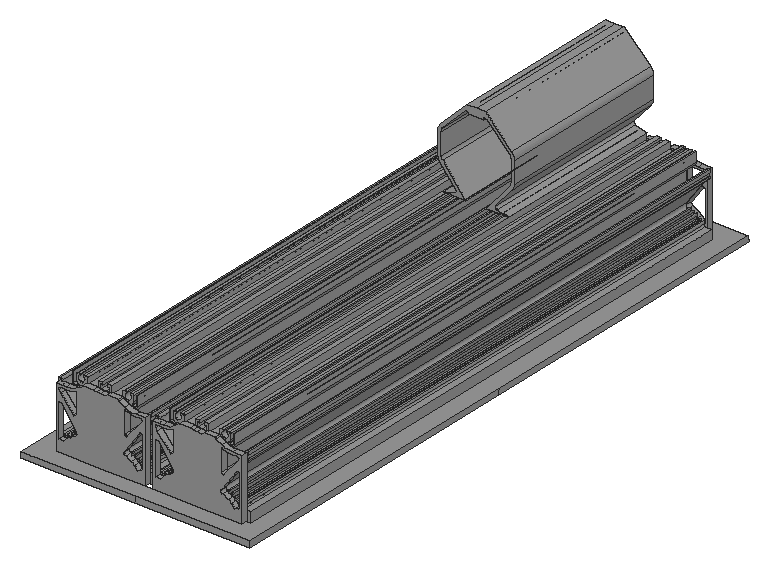
Revit family "L-street 48 Standart", category Осветительные приборы, Revit 2017 (continued)
Types (5, lengths in mm): name | built-in parameter 1150134 | Файл фотометрической сетки | built-in parameter 1150105 | Lumens | built-in parameter 1150106 | built-in parameter 1150142 | Wattage | built-in parameter 1150107 | Артикул
    390 394.1 398.6 403.2 408.1 412.7 416.8 420.2 423.6 427.4 431.9 437.2 443.6 450.4 458.6 467.8 478.1 488.9 500.4 512.6 525.2 538.3 550.5 561.4 569.2 573.5 573 566 550.8 523.8 483.7 426.3 358.3 287.2 226 175.3 132.2 89.9 55.3 36.1 25 16.8 13 11.4 10.1 9.1 8.4 7.8 7.2 6.8 6.3 5.8 5.4 5.1 4.8 4.6 4.1 3.2 2.8\r\n328.9 328.5 328.2 328.2 328.2 328.4 328.9 329.6 330.4 331.5 332.7 334 335.5 337.3 339.3 341.7 344.1 346.7 349.2 351.6 354.2 356.7 359.3 361.9 365 368.1 371.3 374.6 378.2 381.9 385.9 390.5 395.4 400.3 405.8 411.6 417.7 423.6 429 433.5 438.2 443.3 449.2 455.8 462.9 470.3 479 488.5 499.4 511.7 526 542.3 559.9 579.1 598.2 616.8 632.3 645.2 654.6 659.9 659.2 648.4 620.7 563.4 477.2 374.4 283.9 211.1 150.4 93 54.4 36.9 25.8 17.6 14 12.2 10.9 9.9 9.1 8.5 7.8 7.4 6.7 6.3 5.9 5.5 5.2 4.9 4.4 3.3 2.9\r\n328.9 328.5 328.3 328.3 328.5 328.8 329.3 330.1 331 332.2 333.4 334.8 336.4 338.2 340.3 342.5 344.9 347.4 350 352.6 355.1 357.6 360.2 362.9 365.9 368.9 372 375.3 378.8 382.5 386.5 391.1 396.3 401.6 407.5 413.8 420.8 427.5 433.8 439.1 444.6 450.3 457.4 465.6 474.8 485 496.5 508.6 522.2 536.9 552.8 569.8 587.4 606.2 625.2 644.8 662.4 678.1 690.6 700.2 705.2 700.9 677.7 619.9 527.1 411.5 307.8 226 157.1 93 55.9 38.9 27.5 18.9 14.9 13 11.6 10.5 9.8 9.1 8.4 7.9 7.2 6.7 6.2 5.8 5.5 5.2 4.6 3.4 2.9\r\n328.9 328.6 328.5 328.4 328.7 329.1 329.7 330.6 331.6 332.8 334.1 335.5 337.2 339.1 341.2 343.3 345.8 348.2 350.9 353.6 356.1 358.5 361.2 363.9 366.8 369.7 372.7 376 379.5 383.1 387.2 391.8 397.2 402.9 409.2 416.1 423.9 431.3 438.5 444.8 450.9 457.3 465.6 475.3 486.8 499.7 513.9 528.8 545.1 562 579.7 597.3 614.9 633.3 652.3 672.8 692.6 710.9 726.5 740.5 751.1 753.4 734.6 676.4 577.1 448.5 331.7 241 163.8 93.1 57.5 40.9 29.1 20.2 15.9 13.8 12.3 11.2 10.4 9.7 9 8.4 7.7 7.1 6.6 6.2 5.8 5.5 4.9 3.5 2.8\r\n328.9 328.6 328.5 328.6 328.9 329.3 330.1 331 332 333.3 334.7 336 337.9 339.8 342 344.3 347 349.4 352.1 355 357.6 360.1 362.8 365.6 368.5 371.5 374.5 377.7 381.2 384.8 388.9 393.5 398.8 404.6 411.1 418.5 426.6 434.3 441.8 448.1 454.5 461.5 470.8 481.7 494.7 509.3 525.6 543.2 562.8 583.2 605 627.4 649.8 673.3 697 721.2 744.1 764.1 778.2 783.6 777 755.4 714.5 642.8 541.4 421.1 315.5 229 151.8 86.9 55.2 38.9 27.8 20.1 16.2 14.2 12.6 11.6 10.7 10 9.3 8.6 8 7.4 6.8 6.4 6 5.7 5 3.6 2.9\r\n328.9 328.6 328.6 328.8 329.1 329.6 330.4 331.4 332.5 333.7 335.2 336.6 338.6 340.6 342.9 345.3 348.1 350.6 353.4 356.3 359 361.7 364.5 367.2 370.2 373.2 376.3 379.4 382.9 386.4 390.5 395.1 400.3 406.2 413.1 420.9 429.3 437.3 445 451.5 458 465.8 476 488.1 502.7 518.9 537.3 557.6 580.5 604.3 630.3 657.5 684.7 713.2 741.6 769.7 795.6 817.4 829.9 826.8 802.8 757.4 694.3 609.1 505.7 393.7 299.3 217 139.7 80.8 52.9 36.9 26.6 20 16.5 14.6 13 11.9 11.1 10.3 9.6 8.9 8.3 7.7 7.1 6.6 6.3 5.9 5.1 3.6 3\r\n328.9 328.7 328.8 328.9 329.3 330 330.8 331.9 333.1 334.4 336 337.6 339.6 341.7 344.2 346.7 349.5 352.1 355 357.9 360.7 363.5 366.4 369.2 372.3 375.3 378.4 381.5 385.1 388.8 393.1 397.8 403.2 409.1 416.2 424.2 432.7 440.8 448.6 454.7 460.9 468.4 478.4 490.1 504.2 519.7 537.4 557 579 602.2 627.4 653.9 680.8 709.8 739.9 771.3 801.5 829.4 850.7 859.9 847.5 808.1 741 643.7 528.7 412.9 318.2 234.4 150.2 84 54.9 37.9 27.2 20.8 17.3 15.2 13.5 12.4 11.5 10.7 10 9.3 8.6 7.9 7.3 6.9 6.5 6.1 5.3 3.8 3\r\n328.9 328.8 328.9 329 329.6 330.3 331.2 332.3 333.7 335.2 336.8 338.6 340.6 342.8 345.5 348.2 350.9 353.7 356.6 359.6 362.4 365.3 368.2 371.2 374.4 377.4 380.5 383.6 387.3 391.2 395.6 400.5 406 411.9 419.2 427.5 436 444.3 452.2 457.9 463.7 471 480.7 492.2 505.6 520.6 537.4 556.3 577.6 600 624.5 650.4 677 706.4 738.3 772.8 807.5 841.5 871.5 893.1 892.3 858.7 787.6 678.2 551.8 432 337.2 251.9 160.7 87.2 56.8 39 27.9 21.5 18 15.7 14.1 12.8 12 11.2 10.3 9.6 8.9 8.2 7.6 7.1 6.7 6.3 5.5 4 3.1\r\n328.9 329 329.5 330 330.7 331.9 333.2 334.6 336.2 338 339.8 341.8 344 346.5 349.2 352.1 354.9 357.8 360.7 363.6 366.4 369.2 372 374.9 377.8 380.7 383.9 387.3 391.1 395.4 400.3 405.6 411.7 418.6 427.2 436.3 444.8 452.4 459 464.7 471.7 481.1 492.7 506.6 522.4 540.2 559.7 581.7 605.8 631.5 658.1 685.9 714.5 745.8 778.3 812.3 846.4 879.2 904.3 916.2 905.6 859.1 774.4 661.5 532.7 402.1 293.1 196.3 120.8 68.8 45.8 31.7 22.8 18 15.4 13.6 12.3 11.3 10.5 9.8 9.1 8.5 7.9 7.3 6.9 6.5 6.1 5.5 4.3 3.3 2.9\r\n328.9 329.3 330.2 330.9 331.9 333.4 335.1 336.8 338.7 340.8 342.8 345 347.5 350.1 353 356 358.9 361.9 364.8 367.6 370.4 373.1 375.9 378.6 381.2 384 387.3 390.9 395 399.6 404.9 410.7 417.4 425.2 435.2 445.1 453.5 460.4 465.8 471.5 479.7 491.2 504.8 521 539.3 559.8 582 607.2 633.9 663 691.7 721.3 752.1 785.2 818.3 851.9 885.2 917 937 939.3 919 859.4 761.2 644.9 513.6 372.2 249 140.6 80.9 50.5 34.7 24.4 17.8 14.5 12.7 11.4 10.5 9.8 9.1 8.5 8 7.4 7 6.5 6.2 5.9 5.5 4.8 3.2 2.7 2.7\r\n328.9 329.4 330.2 331 332 333.4 335 336.7 338.6 340.6 342.6 344.7 347.1 349.6 352.4 355.2 358.1 360.9 363.6 366.2 368.8 371.4 374 376.6 379.2 382 385.3 388.8 392.6 397 402.2 407.8 414.4 421.9 431.2 440.5 448.4 454.9 460.4 466.2 474 484.8 497.7 513 530.2 549.4 569.9 593 617.3 643.5 669.5 695.9 722.8 751.4 780 808.5 835.6 860.9 877.7 881 869.3 832.1 763.8 664.3 532.5 377.6 247 136.9 77.5 48.8 34.8 24 17.1 14.1 12.4 11.1 10.2 9.6 8.9 8.3 7.8 7.2 6.8 6.3 6 5.7 5.4 4.7 3.1 2.7 2.7\r\n328.9 329.4 330.1 331 332.1 333.4 334.9 336.6 338.5 340.4 342.3 344.5 346.7 349.1 351.8 354.5 357.3 359.9 362.4 364.8 367.2 369.6 372.2 374.6 377.3 380.1 383.3 386.6 390.2 394.4 399.4 405 411.4 418.6 427.2 435.9 443.2 449.5 455 460.8 468.3 478.4 490.6 505 521.2 539.1 557.7 578.9 600.7 624.1 647.2 670.6 693.5 717.6 741.7 765.1 785.9 804.8 818.4 822.6 819.6 804.9 766.4 683.8 551.4 383.1 244.9 133.2 74 47.1 34.9 23.6 16.4 13.6 12.1 10.9 10 9.4 8.7 8.1 7.6 7 6.6 6.2 5.8 5.4 5.3 4.5 3 2.6 2.7\r\n328.9 329.4 330.2 331 332 333.3 334.7 336.2 338 339.7 341.5 343.5 345.5 347.8 350.3 353 355.7 358.2 360.7 363 365.4 367.8 370.3 372.8 375.5 378.3 381.5 384.8 388.6 392.8 397.6 403 409.3 416.1 424.2 432.5 439.5 445.4 450.6 455.9 462.5 471.1 481.3 493.2 506.3 520.8 536.2 553.5 571.6 591.3 611.2 631.8 652.8 675.7 698.9 722.2 742.8 761.3 775.1 781.3 780.2 768.4 735.8 659.6 539 387.4 258.5 153.6 86.2 51.2 36.2 25 17.1 13.6 12 10.8 9.8 9.2 8.5 8 7.4 6.9 6.5 6 5.7 5.4 5.1 4.5 3.1 2.7 2.7\r\n328.9 329.4 330.2 330.9 332 333.2 334.5 335.8 337.4 339.1 340.8 342.5 344.4 346.5 348.9 351.5 354.1 356.6 358.9 361.3 363.6 365.9 368.4 371 373.6 376.5 379.6 383.1 387 391.1 395.7 401 407.1 413.6 421.1 429 435.8 441.3 446.2 451 456.7 463.9 472 481.4 491.5 502.6 514.6 528.2 542.5 558.5 575.2 593 612 633.7 656.1 679.2 699.7 717.9 731.8 740 740.8 732 705.1 635.4 526.7 391.7 272.1 174 98.4 55.3 37.6 26.3 17.8 13.6 11.9 10.7 9.7 9 8.3 7.8 7.3 6.8 6.3 5.9 5.6 5.3 4.9 4.5 3.3 2.7 2.7\r\n328.9 329.5 330.3 331 332 333.1 334.2 335.5 337 338.5 340.1 341.6 343.4 345.3 347.5 350 352.5 354.9 357.3 359.6 361.8 364 366.3 368.6 371.2 373.8 376.8 380.1 383.8 387.6 392 396.7 402.2 408 414.6 421.4 427.4 432.1 436.2 439.9 444.1 449.8 456.5 464.2 472.4 481.7 492.1 504.3 517.4 532 547.1 562.9 578.6 594.9 610.3 625.2 636.8 644.4 646.8 642.2 628.3 601.4 558.5 487.4 398.1 300.5 218.4 153.5 97.9 57.3 37.8 25.4 16.7 12.7 11.3 10.1 9.1 8.4 7.8 7.3 6.8 6.4 5.9 5.5 5.2 4.9 4.6 4.3 3.2 2.7 2.7\r\n328.9 329.6 330.4 331 332 333 334 335.2 336.5 338 339.5 340.8 342.3 344.1 346.2 348.5 350.9 353.2 355.7 357.9 360.1 362.1 364.1 366.3 368.7 371.1 374 377.1 380.5 384.1 388.2 392.4 397.3 402.4 408 413.7 419 423 426.2 428.7 431.6 435.7 440.9 447 453.3 460.7 469.6 480.4 492.2 505.5 519.1 532.8 545.2 556 564.6 571.2 573.9 570.8 561.8 544.4 515.9 470.9 411.9 339.3 269.5 209.3 164.6 132.9 97.4 59.2 38 24.5 15.6 11.9 10.6 9.5 8.6 7.9 7.3 6.7 6.4 5.9 5.5 5.1 4.9 4.6 4.3 4 3 2.6 2.6\r\n328.9 329.6 330.3 330.9 331.7 332.6 333.5 334.6 335.8 337.1 338.4 339.6 341 342.5 344.5 346.6 348.8 351.1 353.5 355.6 357.6 359.4 361.2 363.2 365.5 367.9 370.6 373.6 377 380.4 384 387.7 391.8 395.9 400.4 404.8 409 412.2 414.8 416.7 419.1 422.5 426.9 432.4 438.2 444.8 451.8 459.6 467.6 476.2 484.4 492.1 497.8 501.1 501.5 498.2 489.1 471.8 446.9 414.5 377.6 335.3 291 243.7 199.4 161.3 132.5 111.4 88.8 60 38.2 24.5 15.5 11.5 10.1 9.1 8.1 7.4 6.8 6.3 5.9 5.6 5.2 4.8 4.5 4.3 4.1 3.8 3 2.6 2.6\r\n328.9 329.6 330.2 330.8 331.5 332.2 333 334 335.1 336.2 337.4 338.4 339.6 341 342.7 344.6 346.8 349 351.2 353.2 355.2 356.8 358.4 360.1 362.3 364.7 367.2 370.2 373.4 376.6 379.9 382.9 386.3 389.4 392.8 395.9 399 401.5 403.4 404.8 406.6 409.3 413 417.7 423.2 428.9 434.1 438.8 443 446.9 449.6 451.3 450.4 446.3 438.5 425.2 404.4 372.8 332.1 284.5 239.3 199.8 170 148 129.3 113.3 100.4 90 80.2 60.7 38.4 24.6 15.5 11.1 9.6 8.7 7.7 6.9 6.3 5.9 5.5 5.2 4.9 4.5 4.2 4 3.8 3.6 2.9 2.7 2.6\r\n328.9 329.6 330.1 330.7 331.3 331.9 332.7 333.7 334.6 335.6 336.6 337.5 338.6 339.9 341.4 343.2 345.2 347.2 349.1 350.9 352.7 354.2 355.8 357.6 359.7 362.1 364.5 367.1 369.7 372.2 374.7 377.2 379.9 382.5 385.1 387.6 390 392.2 394 395.5 397.2 398.9 400.9 403.2 405.8 408.1 409.5 410 409.2 407 401.9 393.5 379.6 360.7 338.2 313.8 287.4 259.5 230.5 200.1 171.3 146.3 126.5 111.3 98.3 88 80.3 73.6 62.6 45.5 29.8 19.7 12.9 9.9 8.7 7.8 6.9 6.3 5.7 5.3 5 4.7 4.4 4.1 3.8 3.6 3.4 3.1 2.7 2.6 2.5\r\n328.9 329.6 330 330.5 331 331.7 332.4 333.3 334.1 335 335.7 336.6 337.5 338.9 340.2 341.7 343.6 345.5 347 348.7 350.2 351.6 353.2 355.1 357.2 359.5 361.8 364 366 367.9 369.5 371.4 373.5 375.5 377.4 379.4 381.1 382.8 384.6 386.2 387.8 388.6 388.8 388.6 388.5 387.4 384.9 381.1 375.4 367.2 354.2 335.6 308.8 275.2 237.8 202.4 170.4 146.1 128.9 115.6 103.3 92.8 83 74.7 67.3 62.7 60.1 57.1 45.1 30.4 21.1 14.9 10.4 8.8 7.8 6.9 6.2 5.6 5.1 4.8 4.5 4.1 3.9 3.7 3.5 3.3 3.1 2.7 2.5 2.5 2.5\r\n328.9 329.5 329.8 330.3 330.6 331.2 331.7 332.4 333 333.7 334.2 334.8 335.4 336.4 337.3 338.6 340.1 341.7 343.1 344.6 346.1 347.4 348.8 350.3 352 353.8 355.5 357.1 358.6 360 361.2 362.3 363.6 365 366.4 368.1 369.5 370.4 370.9 370.8 370.5 369.4 367.5 364.9 361.4 356.8 349.7 339.5 325 306.7 283.4 257 228.1 199.7 172.9 149.4 128.6 112.2 99.6 89.2 79.7 71.9 64.6 58.5 52.9 49.3 46.4 42.2 33.6 24.5 18.4 13.7 10.1 8.5 7.6 6.7 6 5.3 4.8 4.5 4.3 3.9 3.7 3.5 3.3 3.1 3 2.6 2.4 2.4 2.4\r\n328.9 329.4 329.7 330 330.2 330.6 331 331.5 332 332.4 332.7 332.9 333.3 333.9 334.5 335.5 336.6 337.9 339.3 340.6 341.9 343.2 344.4 345.6 346.8 348.1 349.2 350.3 351.3 352.1 352.9 353.2 353.7 354.4 355.4 356.8 357.8 358 357.2 355.5 353.3 350.3 346.3 341.1 334.4 326.1 314.5 297.9 274.7 246.3 212.5 178.4 147.3 124.1 108 96.4 86.8 78.2 70.2 62.8 56.2 50.9 46.3 42.4 38.6 35.9 32.7 27.2 22.1 18.6 15.6 12.5 9.8 8.3 7.4 6.5 5.8 5.1 4.6 4.2 4.1 3.8 3.5 3.4 3.2 3 2.9 2.5 2.3 2.4 2.4\r\n328.9 329.4 329.6 329.8 330 330.2 330.4 330.7 330.9 331.1 331.2 331.3 331.4 331.6 332 332.8 333.6 334.8 335.8 337 338 339 339.9 340.7 341.5 342.3 343 343.7 344.2 344.5 344.8 344.9 345.1 345.2 345.2 345.4 345.1 344 342.1 339.1 334.9 329.9 323.6 315.4 304.1 289.5 270.1 246.3 218.3 189.8 161.8 137.2 116 100.1 88.3 79.2 71.4 64.3 57.9 52.2 47.2 43.1 39.5 36.3 33 30.2 27.2 23.3 19.6 16.9 14.4 11.8 9.5 8.3 7.4 6.6 5.8 5.1 4.5 4.1 3.9 3.6 3.4 3.3 3.1 2.9 2.8 2.5 2.3 2.3 2.4\r\n328.9 329.4 329.6 329.7 329.7 329.7 329.8 329.9 329.9 329.9 329.8 329.7 329.4 329.3 329.6 330 330.6 331.6 332.4 333.3 334.1 334.8 335.4 335.7 336.1 336.4 336.8 337 337.1 336.9 336.8 336.5 336.5 336.1 335 333.9 332.3 330.1 327 322.6 316.6 309.6 301 289.7 273.8 252.8 225.7 194.7 161.9 133.3 111 96 84.7 76.1 68.6 62 56 50.4 45.5 41.6 38.2 35.3 32.8 30.2 27.3 24.4 21.7 19.4 17.2 15.2 13.1 11 9.3 8.2 7.4 6.7 5.8 5.1 4.4 3.9 3.8 3.5 3.4 3.2 3 2.9 2.8 2.5 2.2 2.3 2.4\r\n328.9 329.3 329.4 329.4 329.3 329.2 329 328.9 328.7 328.5 328.2 327.9 327.5 327.2 327.2 327.5 327.9 328.5 329.1 329.6 330 330.3 330.4 330.6 330.7 330.8 330.8 330.7 330.4 330 329.4 328.5 327.5 326 324.1 321.7 318.8 314.9 310.1 304 296 286 272.6 255.5 233.2 207 178.6 151.5 126.8 106.9 91.5 80.4 71.6 64.3 58 52.5 47.6 43.4 39.8 36.8 34.2 31.8 29.5 27.1 24.8 22.5 20.3 18.4 16.5 14.8 13.1 11.5 9.9 8.6 7.6 6.8 6 5.3 4.5 4 3.7 3.5 3.3 3.1 2.9 2.8 2.7 2.5 2.2 2.2 2.3\r\n328.9 329.3 329.2 329.1 328.8 328.6 328.2 328 327.6 327.1 326.6 326.1 325.5 325.2 324.9 325 325.1 325.4 325.7 325.8 325.9 325.7 325.4 325.4 325.3 325.2 324.8 324.4 323.8 323 322.1 320.5 318.5 316 313.1 309.5 305.4 299.8 293.2 285.4 275.5 262.4 244.2 221.4 192.6 161.2 131.4 108.3 91.8 80.6 72 64.9 58.4 52.6 47.4 43 39.3 36.3 34 32.1 30.3 28.3 26.1 24.1 22.3 20.7 18.9 17.3 15.8 14.4 13.1 11.9 10.5 8.9 7.8 7 6.2 5.5 4.7 4 3.6 3.4 3.2 3.1 2.9 2.7 2.6 2.4 2.3 2.1 2.2\r\n328.9 329.2 329.1 328.9 328.5 328.1 327.6 327.1 326.5 325.8 325 324.2 323.5 322.9 322.5 322.3 322.2 322.1 322 321.7 321.1 320.5 319.8 319.4 319 318.6 318.3 318 317.4 316.3 314.8 312.5 309.6 306 301.6 296.4 290.5 283 273.9 262.7 247.9 229.2 205.3 179.3 152 127.2 106.1 90 78 69.4 62.5 56.6 51.2 46.4 42.2 38.8 35.9 33.6 31.7 29.9 28.2 26.4 24.5 22.9 21.5 20.1 18.6 17.3 16.1 14.8 13.7 12.7 11.6 10.2 8.7 7.5 6.6 5.9 5 4.3 3.7 3.4 3.2 3 2.9 2.7 2.6 2.4 2.2 2.1 2.2\r\n328.9 329.2 329 328.7 328.2 327.6 326.9 326.2 325.4 324.4 323.3 322.2 321.4 320.7 320.1 319.6 319.2 318.9 318.4 317.5 316.4 315.2 314.1 313.3 312.6 312.1 311.8 311.6 311 309.7 307.4 304.5 300.7 295.9 290.2 283.3 275.6 266.1 254.6 240 220.4 195.9 166.4 137.2 111.4 93.3 80.7 71.7 64.3 58.2 53 48.3 43.9 40.2 37.1 34.6 32.6 31 29.4 27.8 26.1 24.4 22.9 21.8 20.7 19.5 18.4 17.3 16.4 15.3 14.4 13.5 12.7 11.5 9.6 8 7 6.2 5.3 4.5 3.8 3.4 3.1 2.9 2.9 2.7 2.6 2.4 2.2 2.1 2.1\r\n328.9 329.1 328.9 328.5 327.9 327.2 326.4 325.6 324.6 323.3 322 320.8 319.8 318.9 318.2 317.5 316.8 316.1 315.1 313.9 312.4 310.9 309.5 308.4 307.3 306.4 305.9 305.3 304.4 302.7 300.3 297.2 293.3 288 281.6 274 265.3 254.3 240.7 223.1 200.5 173.9 145 119.4 98.6 84.1 73.5 65.7 59.1 54 49.5 45.3 41.5 38.2 35.5 33.3 31.4 29.8 28.2 26.6 25.1 23.6 22.2 21.1 20.2 19.3 18.5 17.7 16.9 16 15.1 14.3 13.5 12.5 11.1 9.6 7.9 6.6 5.7 4.9 4.1 3.5 3.2 2.9 2.8 2.7 2.6 2.4 2.2 2.1 2.1\r\n328.9 329.1 328.8 328.3 327.6 326.8 325.8 324.9 323.7 322.1 320.6 319.3 318.2 317 316.2 315.3 314.4 313.3 311.9 310.3 308.3 306.6 305 303.4 302 300.8 300 299.1 297.7 295.7 293.1 289.8 285.8 280.1 273 264.6 254.9 242.5 226.9 206.2 180.6 151.8 123.5 101.5 85.7 74.9 66.3 59.6 54 49.7 45.9 42.3 39 36.3 34 31.9 30.2 28.6 27 25.5 24.1 22.7 21.5 20.5 19.7 19.1 18.6 18 17.3 16.6 15.8 15 14.3 13.4 12.5 11.1 8.7 7.1 6.1 5.3 4.4 3.5 3.2 2.9 2.8 2.7 2.6 2.4 2.2 2.1 2\r\n328.9 329 328.7 328.1 327.3 326.4 325.3 324.1 322.7 320.9 319.1 317.6 316.3 315.1 313.9 312.8 311.5 309.9 307.9 305.7 303.5 301.4 299.5 297.5 295.7 294.2 292.6 290.6 288.1 285 281.6 277.4 272.1 265.3 257.3 247.5 235.5 219.7 200.5 176.6 150.6 125.6 104.1 88.2 76.4 67.6 60.4 54.7 50.1 46.5 43.3 40.4 37.5 35.2 33 31.1 29.4 28 26.4 25 23.6 22.4 21.1 20.3 19.8 19.2 18.7 18 17.3 16.6 15.9 15.5 15 14.4 13.9 12.8 11 9.1 7.1 5.8 4.8 3.9 3.3 3 2.8 2.7 2.6 2.4 2.2 2 2\r\n328.9 328.9 328.5 327.8 327 326 324.7 323.4 321.7 319.7 317.6 315.9 314.5 313.1 311.6 310.2 308.6 306.4 303.9 301.2 298.6 296.2 294 291.5 289.5 287.6 285.2 282.1 278.4 274.4 270.2 265 258.4 250.5 241.6 230.5 216 196.9 174.1 147 120.5 99.5 84.7 74.9 67 60.3 54.4 49.8 46.1 43.3 40.8 38.5 36.1 34 32 30.2 28.6 27.3 25.9 24.5 23.1 22 20.8 20.1 19.8 19.3 18.8 18 17.2 16.6 16.1 15.9 15.7 15.4 15.2 14.6 13.2 11.1 8.1 6.3 5.2 4.2 3.4 3 2.8 2.7 2.6 2.4 2.2 1.9 2\r\n328.9 328.9 328.5 327.7 326.8 325.6 324.3 322.8 320.9 318.7 316.5 314.6 312.9 311.3 309.7 307.9 305.7 303.1 300.1 297.1 294.1 291.4 288.9 286.5 284.2 281.7 278.6 274.9 270.7 266.1 260.9 254.6 247 238.2 228 214.8 198.1 176.2 151.4 125.6 103.6 87.8 76.3 68 61 55.2 50.3 46.6 43.7 41.5 39.4 37.3 35.1 33.1 31.3 29.7 28.2 27.1 25.8 24.6 23.2 22.1 21 20.3 19.9 19.4 19 18.3 17.7 17.1 16.5 16.2 16.1 15.8 15.4 14.6 13.5 11.9 9.7 7.9 5.9 4.6 3.8 3.2 2.8 2.7 2.5 2.4 2.2 2 2\r\n328.9 328.9 328.4 327.6 326.6 325.3 323.9 322.1 320.2 317.7 315.5 313.3 311.3 309.6 307.8 305.5 302.9 299.7 296.3 292.9 289.7 286.5 283.8 281.4 278.9 275.8 272.1 267.7 263 257.7 251.6 244.2 235.6 225.9 214.3 199.1 180.2 155.6 128.7 104.2 86.8 76 67.9 61.1 55 50 46.2 43.4 41.2 3
    9.6 38 36.2 34.2 32.2 30.6 29.2 27.9 26.8 25.7 24.6 23.4 22.3 21.2 20.5 20 19.6 19.2 18.7 18.2 17.5 16.9 16.6 16.6 16.2 15.6 14.7 13.8 12.6 11.3 9.5 6.7 5 4.1 3.3 2.9 2.6 2.5 2.3 2.1 2 2\r\n328.9 328.9 328.4 327.5 326.4 325.1 323.6 321.7 319.6 317.1 314.7 312.3 310.2 308.2 306.1 303.5 300.4 296.8 293 289.3 285.8 282.4 279.6 276.9 274.1 270.5 266.3 261.4 256.2 250.1 243.2 235.1 226 215.2 202.2 185.4 164.9 140.2 115.8 95.1 80.7 71.6 64.3 57.9 52.3 47.8 44.6 42.2 40.4 39 37.5 35.7 33.8 31.9 30.4 29.1 27.9 26.8 25.6 24.5 23.5 22.5 21.6 20.9 20.4 20 19.7 19.3 18.7 17.9 17.1 16.4 16.1 15.7 15.1 14.4 13.4 12 10.7 9.2 7.3 5.8 4.5 3.6 3 2.7 2.4 2.3 2.1 2 2\r\n328.9 328.9 328.4 327.4 326.2 324.9 323.3 321.3 319 316.4 313.9 311.3 309 306.8 304.4 301.5 297.9 293.8 289.8 285.7 281.9 278.3 275.3 272.4 269.3 265.2 260.5 255.1 249.3 242.6 234.8 226.1 216.3 204.5 190.1 171.6 149.6 124.8 102.9 85.9 74.6 67.1 60.6 54.8 49.6 45.7 42.9 41 39.6 38.4 37 35.3 33.4 31.7 30.2 29 27.9 26.8 25.5 24.4 23.6 22.6 21.9 21.3 20.7 20.4 20.3 20 19.3 18.3 17.3 16.3 15.6 15.2 14.6 14 13 11.4 10.1 9 8 6.6 5 3.8 3.1 2.7 2.4 2.3 2.1 1.9 1.9\r\n328.9 328.9 328.2 327.1 325.9 324.5 322.8 320.6 318.3 315.7 313.1 310.5 308 305.6 302.9 299.6 295.7 291.3 287 282.6 278.7 275.2 272.2 269.1 265.7 261.3 256.3 250.5 244.3 237 228.7 219.3 208.6 195.5 179.4 159.1 136 112.5 93.6 79.8 70.4 63.7 57.4 51.9 47.3 44.1 41.9 40.3 39 37.9 36.5 34.9 33.1 31.6 30.2 28.9 27.6 26.4 25.3 24.4 23.6 23 22.6 22.3 22.1 21.9 21.5 20.7 19.8 18.7 17.6 16.5 15.6 14.8 13.9 13.2 12.1 10.9 9.8 8.8 7.7 6.5 5.2 4 3.1 2.7 2.4 2.3 2.1 1.9 1.9\r\n328.9 328.8 328 326.8 325.5 324.1 322.3 320 317.6 314.9 312.2 309.6 307 304.3 301.4 297.6 293.5 288.8 284.2 279.5 275.5 272 269 265.9 262 257.3 252 245.8 239.2 231.4 222.7 212.6 201 186.6 168.7 146.5 122.3 100.1 84.4 73.6 66.3 60.4 54.3 48.9 44.9 42.4 40.8 39.5 38.4 37.3 35.9 34.5 32.8 31.5 30.3 28.7 27.3 26.1 25.2 24.3 23.7 23.4 23.2 23.4 23.4 23.3 22.6 21.5 20.3 19.1 17.8 16.7 15.6 14.4 13.2 12.3 11.3 10.5 9.6 8.6 7.5 6.4 5.4 4.1 3.2 2.6 2.4 2.2 2.1 1.9 1.9\r\n328.9 328.8 328 326.8 325.6 324 322.1 319.8 317.3 314.6 311.8 309.2 306.4 303.5 300.2 296.1 291.6 286.6 281.7 276.8 272.7 269.1 266.1 262.7 258.6 253.5 248 241.7 234.8 226.8 217.9 207.5 195.5 180.5 162.1 139.5 116 95.4 81.2 71.4 64.5 58.7 52.6 47.6 44.1 42 40.5 39.4 38.3 37.2 35.9 34.6 33.2 31.7 30.3 28.8 27.5 26.4 25.5 24.9 24.6 24.5 24.4 24.3 24.2 23.9 23.2 22.2 20.9 19.6 18.3 17.1 15.9 14.7 13.7 12.8 11.8 10.8 9.9 8.8 7.8 6.7 5.7 4.6 3.5 2.8 2.5 2.2 2.1 1.9 1.9\r\n328.9 328.8 328 326.8 325.6 323.9 321.9 319.6 317 314.2 311.4 308.7 305.8 302.6 299 294.5 289.6 284.3 279.2 274.1 269.9 266.3 263.1 259.5 255.2 249.8 244 237.6 230.5 222.2 213.2 202.5 190.1 174.5 155.5 132.5 109.6 90.7 78 69.1 62.8 57 50.9 46.2 43.3 41.5 40.3 39.3 38.3 37.1 36 34.8 33.6 31.9 30.3 28.9 27.7 26.6 25.9 25.5 25.4 25.6 25.5 25.2 24.9 24.4 23.8 22.8 21.6 20.2 18.7 17.4 16.1 15 14.1 13.3 12.3 11.2 10.2 9 8 6.9 6 5.1 3.8 3 2.5 2.2 2.1 1.9 1.9\r\n328.9 328.9 328.2 327.1 325.7 324 322.1 319.8 317.3 314.4 311.6 308.9 305.9 302.7 299 294.5 289.5 284.1 278.8 273.5 269 265.2 261.9 258.1 253.6 248.1 242.1 235.5 228.2 219.8 210.5 199.7 186.9 170.9 151.6 128.7 106.5 88.7 77 68.5 62.4 56.6 50.7 46.1 43.2 41.6 40.4 39.5 38.4 37.3 36.1 35 33.7 32 30.4 29 27.9 27 26.4 26.2 26.3 26.2 25.7 25.3 24.9 24.5 23.9 23 21.7 20.3 18.8 17.4 16.1 15.1 14.2 13.3 12.2 11.2 10.1 8.9 7.8 6.6 5.5 4.6 3.7 3 2.6 2.2 2.1 1.9 1.9\r\n328.9 328.9 328.4 327.3 325.8 324.1 322.3 320 317.5 314.7 311.9 309.1 306.1 302.8 299 294.4 289.4 283.8 278.3 272.9 268.2 264.1 260.6 256.7 252 246.4 240.3 233.4 226 217.4 207.9 196.8 183.7 167.4 147.8 124.9 103.3 86.7 75.9 67.9 62 56.3 50.4 46 43.1 41.6 40.5 39.7 38.5 37.5 36.3 35.3 33.8 32.1 30.5 29.2 28.1 27.3 26.9 27 27.1 26.8 26 25.4 25 24.6 24 23.1 21.9 20.4 18.9 17.3 16.1 15.2 14.2 13.2 12.2 11.1 9.9 8.8 7.7 6.3 5 4.1 3.5 3 2.6 2.3 2.1 1.9 1.9\r\n328.9 328.8 328 326.9 325.4 323.7 321.8 319.4 316.9 314 311.2 308.4 305.4 302 298.2 293.5 288.4 282.7 277.2 271.7 267 263.1 259.6 255.6 250.7 244.9 238.7 231.9 224.4 215.9 206.4 195.2 181.8 165.1 144.9 121.7 100.3 84.5 74.4 66.8 61 55.1 49.4 45.3 42.7 41.4 40.3 39.4 38.3 37.2 36.1 35 33.4 31.6 30.1 28.9 27.8 27.2 27 27.1 27.1 26.6 25.8 25.2 24.9 24.6 23.9 23 21.8 20.3 18.7 17.2 15.9 14.9 14 13.1 12 11 9.7 8.5 7.3 6.1 4.7 4 3.4 2.9 2.5 2.2 2.1 2 1.9\r\n328.9 328.6 327.7 326.6 325.1 323.3 321.3 318.9 316.3 313.4 310.6 307.8 304.7 301.3 297.4 292.6 287.4 281.7 276 270.5 265.9 262.1 258.5 254.5 249.5 243.5 237.2 230.3 222.8 214.3 204.9 193.6 179.9 162.7 142.1 118.4 97.2 82.4 73 65.8 59.9 54 48.4 44.5 42.3 41.1 40.1 39.2 38 36.9 35.9 34.7 32.9 31.1 29.8 28.5 27.6 27.1 27.1 27.3 27 26.5 25.6 25 24.8 24.6 23.9 23 21.7 20.2 18.5 17.1 15.8 14.7 13.9 12.9 11.8 10.8 9.4 8.2 7 5.8 4.5 3.9 3.2 2.8 2.4 2.2 2 2 1.9\r\n" | 57.3037 W | 4000 (stored number, unit not read) | "412107623741500"
